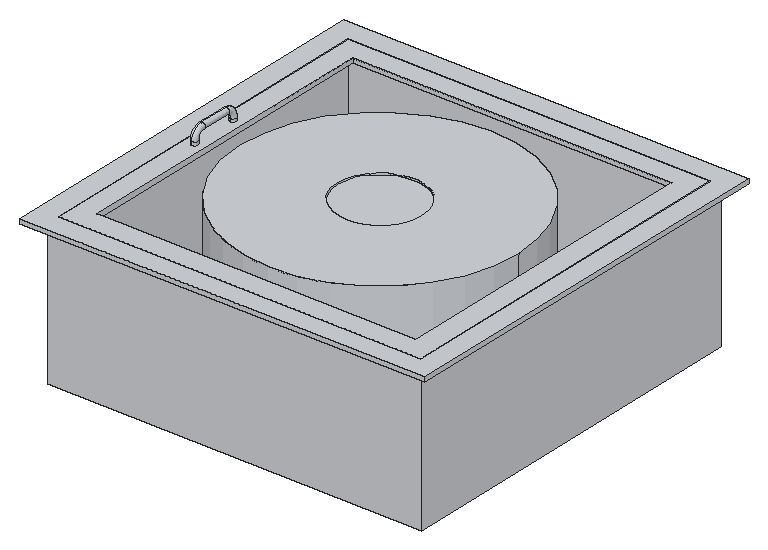
Revit family "20ba7497ace34eac9996a271ab93dae3", category Mechanical Equipment, host Face, Revit 2021
Family settings
  Host = Face
  Round Connector Dimension = Use Radius
  Part Type = Normal
  OmniClass Number = 23.65.70.17.11.27
  OmniClass Title = Cabinets for Fire Hoses
  Seek Item ID = Hose Reel Cabinet - Recessed-0000-USA-ENU
  Cut with Voids When Loaded = No
  Shared = No
  Room Calculation Point = No
Parameters (values of type "1"")
  Nominal Radius = 1/2"
  Nominal Diameter = 2 * Nominal Radius  # 1"
  Hose Material = none
  Flow Pressure [instance] = 7.20 psi
  Flow [instance] = 40 GPM
  Default Elevation = 2' - 4"
  Cabinet Material = none
  Assembly Code = ""
Reference planes (in)
  plane 1 "Center (Front/Back)": y = 0
  plane 2: z = 0
  plane 3 "Center (Left/Right)": x = 0
  plane 4: y = -1.25
  plane 5: y = 32.25
  plane 6: x = -16.75
  plane 7: x = 16.75
  plane 8: x = -15.5
  plane 9: x = 15.5
  plane 10: z = -12
  plane 11: y = 31
  plane 12: y = 30.5
  plane 13: x = -15
  plane 14: x = 15
  plane 15: y = 0.5
  plane 16: z = -11.125
  plane 17: z = 0.375
  plane 18: x = -13.25
  plane 19: x = 13.25
  plane 20: y = 28.75
  plane 21: y = 2.25
  plane 22 "Handle": x = -14.125
  plane 23: y = 13.5
  plane 24: y = 17.5
  plane 25: z = 1.375
  plane 26: y = 17.4375
  plane 27: x = -1.90625
  plane 28: z = -1.1875
  plane 29: z = -1.3125
  plane 30: x = 6.75
  plane 31 "Hose": z = -6
  plane 32: y = 4.25
  plane 33: y = 5.25
  plane 34: y = 2.5
Forms (in)
  Extrusion 1, void
    sketch origin (0, 0, 0) x (1, 0, 0) y (0, 1, 0)
      loop
        line (-15.5, 31) -> (-15.5, 0) -> (15.5, 0) -> (15.5, 31) -> (-15.5, 31)
    from -12 to 0
  Extrusion 2, solid, material <- "Cabinet Material"
    sketch origin (0, 0, 0) x (1, 0, 0) y (0, 1, 0)
      loop
        line (-15.5, 31) -> (-15.5, 0) -> (15.5, 0) -> (15.5, 31) -> (-15.5, 31)
    from -12 to 0
  Extrusion 3, void
    sketch origin (0, 0, 0) x (1, 0, 0) y (0, 1, 0)
      loop
        line (-15, 30.5) -> (-15, 0.5) -> (15, 0.5) -> (15, 30.5) -> (-15, 30.5)
    from -11.125 to 0
  Extrusion 4, solid, material <- "Cabinet Material"
    sketch origin (0, 0, 0) x (1, 0, 0) y (0, 1, 0)
      loop
        line (-16.75, 32.25) -> (-16.75, -1.25) -> (16.75, -1.25) -> (16.75, 32.25) -> (-16.75, 32.25)
      loop
        line (-15, 30.5) -> (-15, 0.5) -> (15, 0.5) -> (15, 30.5) -> (-15, 30.5)
    from 0 to 0.375
  Extrusion 5, solid, material <- "Cabinet Material"
    sketch origin (0, 0, 0) x (1, 0, 0) y (0, 1, 0)
      loop
        line (-15, 30.5) -> (-15, 0.5) -> (15, 0.5) -> (15, 30.5) -> (-15, 30.5)
      loop
        line (-13.25, 28.75) -> (-13.25, 2.25) -> (13.25, 2.25) -> (13.25, 28.75) -> (-13.25, 28.75)
    from 0 to 0.375
  Sweep 6, solid, material <- "Cabinet Material", detail levels fine
    path origin (-14.125, 0, 0) x (0, 1, 0) y (0, 0, 1)
      loop
        line (17.5, 0.375) -> (17.5, 0.625)
        arc (17.5, 0.625) -> (17.28033, 1.15533) -> (16.75, 1.375) r 0.75
        line (16.75, 1.375) -> (14.25, 1.375)
        arc (14.25, 1.375) -> (13.71967, 1.15533) -> (13.5, 0.625) r 0.75
        line (13.5, 0.625) -> (13.5, 0.375)
    profile origin (-14.125, 17.5, 0.5) x (0, -1, 0) y (1, 0, 0)
      loop
        circle (0, 0) r 0.25
  Extrusion 7, solid, material <- "Cabinet Material", detail levels fine
    sketch origin (0, 0, 0) x (1, 0, 0) y (0, 1, 0)
      loop
        circle (-1.90625, 17.4375) r 11.5
      loop
        circle (-1.90625, 17.4375) r 3.5
    from -11.125 to -1.1875
  Extrusion 8, solid, material <- "Cabinet Material", detail levels fine
    sketch origin (0, 0, 0) x (1, 0, 0) y (0, 1, 0)
      loop
        circle (-1.90625, 17.4375) r 3.5
    from -11.125 to -1.3125
  Extrusion 9, solid, material <- "Hose Material", detail levels fine
    sketch origin (0, 0, 0) x (1, 0, 0) y (0, 0, 1)
      loop
        circle (6.75, -6) r 0.5
    from -5.25 to -4.25
  Extrusion 10, solid, material <- "Hose Material", detail levels fine
    sketch origin (0, 0, 0) x (1, 0, 0) y (0, 0, 1)
      loop
        circle (6.75, -6) r 0.375
    from -13.5 to -5.25
  Sweep 11, solid, material <- "Hose Material", detail levels fine
    path origin (0, 0, -6) x (0, 1, 0) y (-1, 0, 0)
      loop
        line (2.5, 15.5) -> (2.5, 5.90625)
        arc (2.5, 5.90625) -> (3.67157, 3.07782) -> (6.5, 1.90625) r 4
        line (6.5, 1.90625) -> (7.75, 1.90625)
    profile origin (-10.70312, 2.5, -6) x (0, 1, 0) y (0, 0, 1)
      loop
        circle (0, 0) r 0.375
Cuts and joins
  Extrusion 3 cuts Extrusion 2
  joined: Extrusion 2, Extrusion 4
  joined: Extrusion 7, Extrusion 8
  joined: Extrusion 9, Extrusion 10
Dimensions and locks (in)
  locked: plane 4 to plane 1 "Center (Front/Back)" at 1.25
  locked: plane 5 to plane 4 at 33.5
  plane 7 to plane 3 "Center (Left/Right)" to plane 6 = 1' - 4 3/4" locked, 1' - 4 3/4" locked
  locked: plane 8 to plane 6 at 1.25
  locked: plane 7 to plane 9 at 1.25
  locked: plane 2 to plane 10 at 12
  locked: plane 5 to plane 11 at 1.25
  locked: plane 12 to plane 11 at 0.5
  locked: plane 8 to plane 13 at 0.5
  locked: plane 14 to plane 9 at 0.5
  locked: plane 15 to plane 1 "Center (Front/Back)" at 0.5
  locked: plane 16 to plane 10 at 0.875
  locked: plane 17 to plane 2 at 0.375
  locked: plane 20 to plane 5 at 3.5
  locked: plane 6 to plane 18 at 3.5
  locked: plane 19 to plane 7 at 3.5
  locked: plane 21 to plane 4 at 3.5
  equal spacing: plane 13, plane 22 "Handle", plane 18
  locked: plane 23 to plane 21 at 11.25
  locked: plane 24 to plane 23 at 4
  locked: plane 17 to plane 25 at 1
  locked: plane 26 to plane 4 at 18.6875
  locked: plane 6 to plane 27 at 14.84375
  locked: plane 28 to plane 10 at 10.8125
  locked: plane 28 to plane 29 at 0.125
  locked: plane 30 to plane 19 at 6.5
  locked: plane 31 "Hose" to plane 10 at 6
  locked: plane 32 to plane 21 at 2
  locked: plane 33 to plane 32 at 1
  locked: plane 34 to plane 4 at 3.75
  radius of Sweep 6 sketch curve = 0' - 0 1/4"
  radius of Extrusion 7 sketch curve = 0' - 11 1/2"
  radius of Extrusion 7 sketch curve = 0' - 3 1/2"
  radius of Extrusion 8 sketch curve = 0' - 3 1/2"
  radius of Extrusion 9 sketch curve = 0' - 0 1/2"
  radius of Extrusion 10 sketch curve = 0' - 0 3/8"
  radius of Sweep 11 sketch curve = 0' - 0 3/8"
  aligned and locked: plane 2 to host face
  aligned and locked: level to host face
  aligned and locked: plane 8 to Extrusion 1 sketch curve
  aligned and locked: Extrusion 1 sketch curve to plane 11
  aligned and locked: plane 1 "Center (Front/Back)" to Extrusion 1 sketch curve
  aligned and locked: Extrusion 1 sketch curve to plane 9
  aligned and locked: Extrusion 1 to plane 10
  aligned and locked: plane 2 to Extrusion 1
  aligned and locked: plane 8 to Extrusion 2 sketch curve
  aligned and locked: Extrusion 2 sketch curve to plane 11
  aligned and locked: plane 1 "Center (Front/Back)" to Extrusion 2 sketch curve
  aligned and locked: Extrusion 2 sketch curve to plane 9
  aligned and locked: Extrusion 2 to plane 10
  aligned and locked: plane 2 to Extrusion 2
  aligned and locked: plane 13 to Extrusion 3 sketch curve
  aligned and locked: plane 12 to Extrusion 3 sketch curve
  aligned and locked: plane 15 to Extrusion 3 sketch curve
  aligned and locked: plane 14 to Extrusion 3 sketch curve
  aligned and locked: Extrusion 3 to plane 16
  aligned and locked: plane 2 to Extrusion 3
  aligned and locked: plane 6 to Extrusion 4 sketch curve
  aligned and locked: Extrusion 4 sketch curve to plane 5
  aligned and locked: plane 4 to Extrusion 4 sketch curve
  aligned and locked: Extrusion 4 sketch curve to plane 7
  aligned and locked: cut or joined group of Extrusion 2, Extrusion 3, Extrusion 4 to Extrusion 4 sketch curve
  aligned and locked: Extrusion 4 sketch curve to cut or joined group of Extrusion 2, Extrusion 3, Extrusion 4  (x3)
  aligned and locked: Extrusion 4 to plane 2
  aligned and locked: plane 17 to Extrusion 4
  aligned and locked: cut or joined group of Extrusion 2, Extrusion 3, Extrusion 4 to Extrusion 5 sketch curve
  aligned and locked: Extrusion 5 sketch curve to cut or joined group of Extrusion 2, Extrusion 3, Extrusion 4  (x3)
  aligned and locked: plane 18 to Extrusion 5 sketch curve
  aligned and locked: plane 20 to Extrusion 5 sketch curve
  aligned and locked: plane 21 to Extrusion 5 sketch curve
  aligned and locked: Extrusion 5 sketch curve to plane 19
  aligned and locked: Extrusion 5 to plane 2
  aligned and locked: plane 17 to Extrusion 5
  aligned and locked: plane 25 to Sweep 6 sketch curve
  aligned and locked: plane 24 to Sweep 6 sketch curve  (x2)
  aligned and locked: Sweep 6 sketch curve to plane 23
  aligned and locked: plane 22 "Handle" to Sweep 6 sketch curve
  aligned and locked: plane 26 to Extrusion 7 sketch curve  (x2)
  aligned and locked: plane 27 to Extrusion 7 sketch curve  (x2)
  aligned and locked: Extrusion 7 to plane 16
  aligned and locked: Extrusion 7 to plane 28
  aligned and locked: plane 26 to Extrusion 8 sketch curve
  aligned and locked: plane 27 to Extrusion 8 sketch curve
  aligned and locked: Extrusion 8 to plane 16
  aligned and locked: plane 29 to Extrusion 8
  aligned and locked: plane 30 to Extrusion 9 sketch curve
  aligned and locked: plane 31 "Hose" to Extrusion 9 sketch curve
  aligned and locked: plane 33 to Extrusion 9
  aligned and locked: Extrusion 9 to plane 32
  aligned and locked: plane 30 to Extrusion 10 sketch curve
  aligned and locked: plane 31 "Hose" to Extrusion 10 sketch curve
  aligned and locked: Extrusion 10 to plane 23
  aligned and locked: Extrusion 10 to plane 33
  aligned and locked: profile plane to Sweep 11 sketch curve  (x2)
Automatic sketch dimensions
  Sweep 6 sketch curve to plane 17 = 0' - 0"  (x2)
  plane 17 to Sweep 6 sketch curve = 0' - 0 1/4"  (x2)
  Sweep 11 sketch curve to plane 34 = 0' - 0"
  Sweep 11 sketch curve to plane 27 = 0' - 0"
  Sweep 11 sketch curve to plane 8 = 0' - 0"
  plane 33 to Sweep 11 sketch curve = 0' - 1 1/4"
  Sweep 11 sketch curve to Sweep 11 sketch curve = 0' - 1 1/4"
  host sketch curve to host sketch curve = 8' - 0"  (x2)
Connectors (in)
  piping at (-15.5, 2.5, -6), diameter 1, driven by "Flow", driven by "Flow Pressure", driven by "Nominal Radius"
    settings: on Sweep 11, index 1, connector inside diameter 1", connector length 0' - 0", flow factor 0, pipe flow 40 GPM, pressure drop 7.20 psi, fitting loss kfactor 0, connector angle 0.00°, fixture units 0, engagement length 0' - 0", angle of deflection 0.00°, flow configuration 1, flow direction 1, fitting loss method 4, system type 26, joint type 0, gender type 0, connector reference index -1, connector utility 0, adjustable connector no, is connector primary yes, connector description ""
